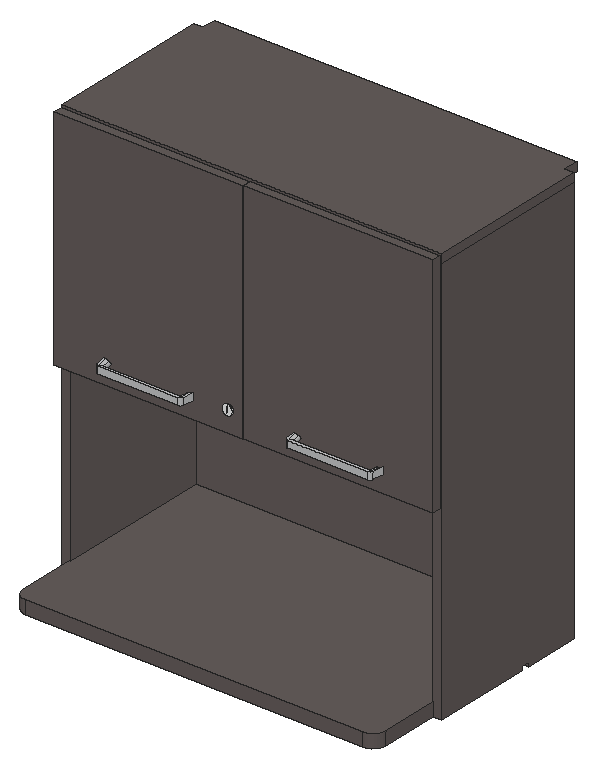
Revit family "Upper_Cabinets-Teknion-CEUMS_Upper_Cabinet_Microwave_Section_And_Door-R2022", category Furniture, Revit 2023
Family settings
  OmniClass Number = 23.40.20.00
  OmniClass Title = General Furniture and Specialties
  Work Plane-Based = No
  Enable Cutting in Views = No
  Always vertical = Yes
  Cut with Voids When Loaded = No
  Render Appearance Source = Family Geometry
  Shared = Yes
  Room Calculation Point = No
Parameters (values of type "15" Depth")
  X - Groove Connection - None [instance] = no
  Width [instance] = 30.000"
  Warranty = "http://www.teknion.com/ca/papers/legal-canada"
  Unit Weight URL = "http://www.teknion.com/ca/tools/assets#&asset=bee6a381-b954-425e-8283-5a2de3a804f2,f828d448-4b62-4231-9e5f-9a8991c0ed77"
  URL = "www.teknion.com"
  To render please download texture images found here [instance] = "https://assets.teknion.com/web/5e81352c1dfdb467/revit-material-swatches/"
  Sustainability Data = "https://www.teknion.com/ca/tools/assets#&topic=216f99a5-57a0-44fc-b10a-9dee9b29ae4c&asset=444deb64-fe58-4b68-981e-f75e97781df7,b4ff2d81-9f2e-437d-9659-7cffb09c31cf"
  Shelf 2 [instance] = Height > 31.000"  # yes
  Series = "Expansion Casework+"  # constant formula
  R - Groove Connection - Right [instance] = yes
  Pull Finish [instance] = Paint - Teknion - Mica - Platinum
  Product Page URL = "https://www.teknion.com/ca/products/product-details?productLineId=30ca1270-8e7a-673b-a6c8-ff05004460c4"
  Product Line = "Upper Cabinets"  # constant formula
  Product Documentation Link = "https://www.teknion.com/pricing/expansion-casework/pdfs/CEUMS_ppg.pdf"
  Part Number = "CEUMS"  # constant formula
  N - No Light Management [instance] = not(or([B - Groove Connection - Both Sides], [L - Groove Connection - Left], [R - Groove Connection - Right], [X - Groove Connection - None]))  # no
  Model = "CEUMS15____"
  Manufacturer Phone = "416-661-3370"  # constant formula
  Manufacturer Fax = "416.661.4586"  # constant formula
  Manufacturer Contact Information = "http://www.teknion.com/ca/contactus"
  Manufacturer Address = "1150 Flint Road, Toronto, ON. M3J 2J5. Canada"  # constant formula
  Manufacturer = "Teknion"  # constant formula
  Light Management [instance] = "Select one option for light management. No light management is default."  # constant formula
  L - Groove Connection - Left [instance] = no
  Integrated End Panel [instance] = "Select one option for integrated end panel. End panel - none is default. Option B is only available when no light management is selected. Option L are available when no light management or groove connection - right is selected. Option R are available when no light management or groove connection - left is selected."  # constant formula
  How To Use Teknion Materials User Guide [instance] = "https://assets.teknion.com/m/205dd0a49fa58060/original/How-to-add-a-Material-Library-and-Texture-Images-to-your-Revit-project.pdf"
  Height 1 [instance] = if(Height = 27.000", 57.000", if(Height = 33.000", 50.299", 54.000"))  # 50.299"
  Height - Shelf 2 [instance] = if(Height = 42.000", 13.492", if(Height = 36.000", 10.012", if(Height = 33.000", 8.272", 6.000")))  # 8.272"
  Height - Shelf 1 [instance] = 15.000"  # constant formula
  Height - Door [instance] = if(Height = 42.000", 26.882", if(Height = 36.000", 20.882", if(Height = 33.000", 17.882", if(Height = 30.000", 14.882", 11.882"))))  # 17.882"
  Height [instance] = 33.000"
  Handle = Depth = 15.000"  # yes
  For Additional Finishes please visit [instance] = "https://assets.teknion.com/m/44a8009b046e5d47/original/Teknion_Materials_Library.zip"
  R - End Panel - Right [instance] = no
  N - End Panel - None [instance] = not(or([B - End Panel - Both Sides], [L - End Panel - Left], [R - End Panel - Right]))  # yes
  L - End Panel - Left [instance] = no
  Door Finish [instance] = Veneer - Teknion - VB - Flintwood - Black Walnut
  Description = "Upper Cabinet - Microwave Section And Doors, 15\" Depth"
  Depth = 15.000"  # constant formula
  Default Elevation = 0.000"
  Cut-Out - Light - X [instance] = if([X - Groove Connection - None], 3.000", 0.300")  # 0.300"
  Cut-Out - Light - R & B [instance] = if((or([B - Groove Connection - Both Sides], [R - Groove Connection - Right])), 4.000", 0.300")  # 4.000"
  Cut-Out - Light - L & B [instance] = if((or([B - Groove Connection - Both Sides], [L - Groove Connection - Left])), 3.500", 0.300")  # 0.300"
  Cut End Panel - Right [instance] = if((or([B - End Panel - Both Sides], [R - End Panel - Right])), 0.300", 4.000")  # 4.000"
  Cut End Panel - Left [instance] = if((or([B - End Panel - Both Sides], [L - End Panel - Left])), 0.300", 4.000")  # 4.000"
  Case Finish [instance] = Veneer - Teknion - VB - Flintwood - Black Walnut
  B - Groove Connection - Both Sides [instance] = no
  B - End Panel - Both Sides [instance] = no
  Available Width [instance] = "24, 27, 30, 33 & 36 Inch"  # constant formula
  Available Height [instance] = "27, 30, 33, 36 & 42 Inch"  # constant formula
  Available Depth = "15 Inch Only"  # constant formula
  Assembly Code = "E2020200"
  2D - X - Light Management [instance] = [X - Groove Connection - None]  # no
  2D - R - Light Management [instance] = [R - Groove Connection - Right]  # yes
  2D - L - Light Management [instance] = [L - Groove Connection - Left]  # no
  2D - B - Light Management [instance] = [B - Groove Connection - Both Sides]  # no
Reference planes (in)
  plane 1 "Center Front/Back": y = -7.5
  plane 2: z = 0
  plane 3 "Center Left/Right": x = 18
  plane 4 "Left": x = 3
  plane 5 "Right": x = 33
  plane 6 "Back": y = 0
  plane 7 "Front": y = -15
  plane 8 "Top": z = 50.299
  plane 9: z = 83.299
  plane 10: y = -1.11811
  plane 11: x = 10.5
  plane 12: x = 25.5
  plane 13: z = 65.299
  plane 14: z = 73.571
  plane 15: z = 65.29889
  plane 16: y = -19.8189
  plane 17: z = 83.18089
Forms (in)
  Sweep 1, solid, material "Veneer - Teknion - VB - Flintwood - Black Walnut" <- "Case Finish"
    path origin (0, -7.5, 0) x (1, 0, 0) y (0, 0, 1)
      loop
        line (18, 51.31475) -> (18, 50.299)
    profile origin (18, -7.5, 50.80687) x (0, -1, 0) y (1, 0, 0)
      loop
        arc (11.3189, -14.29921) -> (12.026, -14.00632) -> (12.3189, -13.29921) r 1
        line (12.3189, -13.29921) -> (12.3189, 13.29921)
        arc (12.3189, 13.29921) -> (12.026, 14.00632) -> (11.3189, 14.29921) r 1
        line (11.3189, 14.29921) -> (-6.38189, 14.29921) -> (-6.38189, -14.29921) -> (11.3189, -14.29921)
  Sweep 2, solid, material "Veneer - Teknion - VB - Flintwood - Black Walnut" <- "Case Finish"
    path origin (0, -7.5, 0) x (1, 0, 0) y (0, 0, 1)
      loop
        line (18, 82.59821) -> (18, 50.299)
    profile origin (18, -7.5, 66.44861) x (0, -1, 0) y (1, 0, 0)
      loop
        line (-7.5, -15) -> (6.66142, -15) -> (6.66142, -14.29921) -> (-7.5, -14.29921) -> (-7.5, -15)
      loop
        line (-7.5, 15) -> (-7.5, 14.29921) -> (6.66142, 14.29921) -> (6.66142, 15) -> (-7.5, 15)
  Sweep 3, solid, material "Veneer - Teknion - VB - Flintwood - Black Walnut" <- "Case Finish"
    path origin (0, -7.5, 0) x (1, 0, 0) y (0, 0, 1)
      loop
        line (18, 83.299) -> (18, 82.59821)
    profile origin (18, -7.5, 82.94861) x (0, -1, 0) y (1, 0, 0)
      loop
        line (-7.5, -15) -> (6.66142, -15) -> (6.66142, 15) -> (-7.5, 15) -> (-7.5, -15)
  Sweep 4, solid, material "Veneer - Teknion - VB - Flintwood - Black Walnut" <- "Case Finish"
    path origin (0, -7.5, 0) x (1, 0, 0) y (0, 0, 1)
      loop
        line (18, 82.59821) -> (18, 51.31475)
    profile origin (18, -7.5, 66.95648) x (0, -1, 0) y (1, 0, 0)
      loop
        line (-6.38189, -14.29921) -> (-5.6811, -14.29921) -> (-5.6811, 14.29921) -> (-6.38189, 14.29921) -> (-6.38189, -14.29921)
  Sweep 5, solid, material "Veneer - Teknion - VB - Flintwood - Black Walnut" <- "Door Finish"
    path origin (0, 0, 0) x (1, 0, 0) y (0, 1, 0)
      loop
        line (18, -15) -> (18, -14.29921)
    profile origin (18, -14.64961, 0) x (-1, 0, 0) y (0, 0, 1)
      loop
        line (14.94094, 83.18089) -> (0.05906, 83.18089) -> (0.05906, 65.29889) -> (14.94094, 65.29889) -> (14.94094, 83.18089)
      loop
        line (-14.94094, 83.18089) -> (-14.94094, 65.29889) -> (-0.05906, 65.29889) -> (-0.05906, 83.18089) -> (-14.94094, 83.18089)
  Sweep 6, void
    path origin (0, 0, 0) x (1, 0, 0) y (0, 1, 0)
      loop
        line (18, 2.88189) -> (18, -1.11811)
    profile origin (18, 0.88189, 0) x (1, 0, 0) y (0, 0, 1)
      loop
        line (-15, 83.299) -> (-15, 50.299) -> (-14.29921, 50.299) -> (-14.29921, 83.299) -> (-15, 83.299)
  Sweep 7, void
    path origin (0, 0, 0) x (1, 0, 0) y (0, 1, 0)
      loop
        line (18, 2.88189) -> (18, -1.11811)
    profile origin (18, 0.88189, 0) x (1, 0, 0) y (0, 0, 1)
      loop
        line (14.29921, 83.299) -> (14.29921, 50.299) -> (15, 50.299) -> (15, 83.299) -> (14.29921, 83.299)
  Sweep 8, solid, material "Paint - Teknion - Mica - Platinum" <- "Pull Finish", visible <- "Handle"
    path origin (0, -7.5, 15) x (1, 0, 0) y (0, 0, 1)
      loop
        line (10.5, 52.13955) -> (10.5, 51.60806)
    profile origin (10.5, -7.5, 66.8738) x (0, -1, 0) y (1, 0, 0)
      loop
        line (7.5, -3.49508) -> (8.30409, -3.39635)
        arc (8.30409, -3.39635) -> (8.46086, -3.31387) -> (8.52362, -3.14821) r 0.25
        line (8.52362, -3.14821) -> (8.52362, 3.14821)
        arc (8.52362, 3.14821) -> (8.46086, 3.31387) -> (8.30409, 3.39635) r 0.25
        line (8.30409, 3.39635) -> (7.5, 3.49508) -> (7.5, 3.35728) -> (8.2874, 3.23165) -> (8.2874, -3.23165) -> (7.5, -3.35728) -> (7.5, -3.49508)
  Sweep 9, solid, material "Paint - Teknion - Mica - Platinum" <- "Pull Finish", visible <- "Handle"
    path origin (0, 0, 0) x (1, 0, 0) y (0, 1, 0)
      loop
        line (7.34714, -16.28116) -> (7.0714, -14.55302)
    profile origin (7.20927, -15.41709, 0) x (-0.987508, -0.157566, 0) y (0, 0, 1)
      loop
        line (0, 67.13955) -> (-0.25322, 67.02489)
        arc (-0.25322, 67.02489) -> (-0.35066, 66.8738) -> (-0.25322, 66.72272) r 0.16586
        line (-0.25322, 66.72272) -> (0, 66.60806) -> (0, 67.13955)
  Sweep 10, solid, material "Paint - Teknion - Mica - Platinum" <- "Pull Finish", visible <- "Handle"
    path origin (18, 0, 0) x (-1, 0, 0) y (0, -1, 0)
      loop
        line (4.34714, 16.28116) -> (4.0714, 14.55302)
    profile origin (13.79073, -15.41709, 0) x (-0.987508, 0.157566, 0) y (0, 0, 1)
      loop
        line (0, 67.13955) -> (0, 66.60806) -> (0.25322, 66.72272)
        arc (0.25322, 66.72272) -> (0.35066, 66.8738) -> (0.25322, 67.02489) r 0.16586
        line (0.25322, 67.02489) -> (0, 67.13955)
  Sweep 11, void
    path origin (0, -7.5, 15) x (1, 0, 0) y (0, 0, 1)
      loop
        line (18, 52.49751) -> (18, 51.24751)
    profile origin (18, -7.5, 66.87251) x (0, -1, 0) y (1, 0, 0)
      loop
        line (6.79921, -11.0832) -> (7.5, -11.0832) -> (7.5, -10.10461) -> (6.79921, -10.10461) -> (6.79921, -11.0832)
      loop
        line (8.94722, -11.0832) -> (8.94722, -10.10461) -> (8.2874, -10.10461) -> (8.2874, -11.0832) -> (8.94722, -11.0832)
      loop
        line (6.79921, -3.9168) -> (6.79921, -4.89539) -> (7.5, -4.89539) -> (7.5, -3.9168) -> (6.79921, -3.9168)
      loop
        line (8.94722, -3.9168) -> (8.2874, -3.9168) -> (8.2874, -4.89539) -> (8.94722, -4.89539) -> (8.94722, -3.9168)
      loop
        line (6.79921, 11.0832) -> (6.79921, 10.10461) -> (7.5, 10.10461) -> (7.5, 11.0832) -> (6.79921, 11.0832)
      loop
        line (8.94722, 11.0832) -> (8.2874, 11.0832) -> (8.2874, 10.10461) -> (8.94722, 10.10461) -> (8.94722, 11.0832)
      loop
        line (6.79921, 3.9168) -> (7.5, 3.9168) -> (7.5, 4.89539) -> (6.79921, 4.89539) -> (6.79921, 3.9168)
      loop
        line (8.94722, 3.9168) -> (8.94722, 4.89539) -> (8.2874, 4.89539) -> (8.2874, 3.9168) -> (8.94722, 3.9168)
  Sweep 12, solid, material "Metal - Teknion - C6 - Chrome"
    path origin (36, 0, 0) x (-1, 0, 0) y (0, -1, 0)
      loop
        line (18, 15.05906) -> (18, 15)
    profile origin (18, -15.02953, 0) x (-1, 0, 0) y (0, 0, 1)
      loop
        circle (1.20079, 66.94062) r 0.3937
      loop
        line (1.15157, 67.12763) -> (1.15157, 66.75361) -> (1.25, 66.75361) -> (1.25, 67.12763) -> (1.15157, 67.12763)
  Sweep 13, solid, material "Paint - Teknion - Mica - Platinum" <- "Pull Finish", visible <- "Handle"
    path origin (0, -7.5, 15) x (1, 0, 0) y (0, 0, 1)
      loop
        line (25.5, 52.13955) -> (25.5, 51.60806)
    profile origin (25.5, -7.5, 66.8738) x (0, -1, 0) y (1, 0, 0)
      loop
        line (7.5, 3.49508) -> (7.5, 3.35728) -> (8.2874, 3.23165) -> (8.2874, -3.23165) -> (7.5, -3.35728) -> (7.5, -3.49508) -> (8.30409, -3.39635)
        arc (8.30409, -3.39635) -> (8.46086, -3.31387) -> (8.52362, -3.14821) r 0.25
        line (8.52362, -3.14821) -> (8.52362, 3.14821)
        arc (8.52362, 3.14821) -> (8.46086, 3.31387) -> (8.30409, 3.39635) r 0.25
        line (8.30409, 3.39635) -> (7.5, 3.49508)
  Sweep 14, solid, material "Paint - Teknion - Mica - Platinum" <- "Pull Finish", visible <- "Handle"
    path origin (0, 0, 0) x (1, 0, 0) y (0, 1, 0)
      loop
        line (22.34714, -16.28116) -> (22.0714, -14.55302)
    profile origin (22.20927, -15.41709, 0) x (-0.987508, -0.157566, 0) y (0, 0, 1)
      loop
        arc (-0.25322, 67.02489) -> (-0.35066, 66.8738) -> (-0.25322, 66.72272) r 0.16586
        line (-0.25322, 66.72272) -> (0, 66.60806) -> (0, 67.13955) -> (-0.25322, 67.02489)
  Sweep 15, solid, material "Paint - Teknion - Mica - Platinum" <- "Pull Finish", visible <- "Handle"
    path origin (0, 0, 0) x (1, 0, 0) y (0, 1, 0)
      loop
        line (28.9286, -14.55302) -> (28.65286, -16.28116)
    profile origin (28.79073, -15.41709, 0) x (0.987508, -0.157566, 0) y (0, 0, 1)
      loop
        line (0, 67.13955) -> (-0.25322, 67.02489)
        arc (-0.25322, 67.02489) -> (-0.35066, 66.8738) -> (-0.25322, 66.72272) r 0.16586
        line (-0.25322, 66.72272) -> (0, 66.60806) -> (0, 67.13955)
  Sweep 16, solid, material "Veneer - Teknion - VB - Flintwood - Black Walnut" <- "Case Finish"
    path origin (0, -7.5, 0) x (1, 0, 0) y (0, 0, 1)
      loop
        line (18, 66.00007) -> (18, 65.299)
    profile origin (18, -7.5, 65.64954) x (0, -1, 0) y (1, 0, 0)
      loop
        line (6.66142, -14.29921) -> (6.66142, 14.29921) -> (-5.6811, 14.29921) -> (-5.6811, -14.29921) -> (6.66142, -14.29921)
  Sweep 17, solid, material "Veneer - Teknion - VB - Flintwood - Black Walnut" <- "Case Finish", visible <- "Shelf 2"
    path origin (0, -7.5, 0) x (1, 0, 0) y (0, 0, 1)
      loop
        line (18, 74.27172) -> (18, 73.571)
    profile origin (18, -7.5, 73.92136) x (0, -1, 0) y (1, 0, 0)
      loop
        line (6.46457, -14.29921) -> (6.46457, 14.29921) -> (-5.6811, 14.29921) -> (-5.6811, -14.29921) -> (6.46457, -14.29921)
  Sweep 18, void
    path origin (0, -7.5, 0) x (1, 0, 0) y (0, 0, 1)
      loop
        line (18, 47.93365) -> (18, 47.63365)
    profile origin (18, -7.5, 47.78365) x (0, -1, 0) y (1, 0, 0)
      loop
        line (-1.2126, -12.44488) -> (-1.2126, 12.44488)
        arc (-1.2126, 12.44488) -> (-1.58661, 12.8189) -> (-1.96063, 12.44488) r 0.37402
        line (-1.96063, 12.44488) -> (-1.96063, -12.44488)
        arc (-1.96063, -12.44488) -> (-1.58661, -12.8189) -> (-1.2126, -12.44488) r 0.37402
  Sweep 19, void
    path origin (0, -7.5, 0) x (1, 0, 0) y (0, 0, 1)
      loop
        line (18, 47.43365) -> (18, 47.13365)
    profile origin (18, -7.5, 47.28365) x (0, -1, 0) y (1, 0, 0)
      loop
        line (-1.96063, 12.44488) -> (-1.96063, -15) -> (-1.2126, -15) -> (-1.2126, 12.44488)
        arc (-1.2126, 12.44488) -> (-1.58661, 12.8189) -> (-1.96063, 12.44488) r 0.37402
  Sweep 20, void
    path origin (0, -7.5, 0) x (1, 0, 0) y (0, 0, 1)
      loop
        line (18, 50.63365) -> (18, 46.63365)
    profile origin (18, -7.5, 48.63365) x (0, -1, 0) y (1, 0, 0)
      loop
        arc (-1.96063, -12.44488) -> (-1.58661, -12.8189) -> (-1.2126, -12.44488) r 0.37402
        line (-1.2126, -12.44488) -> (-1.2126, 15) -> (-1.96063, 15) -> (-1.96063, -12.44488)
Cuts and joins
  Sweep 6, Sweep 7, Sweep 19, Sweep 20 cuts Sweep 2
  Sweep 6, Sweep 7 cuts Sweep 3
  Sweep 18, Sweep 19, Sweep 20 cuts Sweep 1
  Sweep 11 cuts Sweep 9
  Sweep 11 cuts Sweep 10
  Sweep 11 cuts Sweep 14
  Sweep 11 cuts Sweep 15
  joined: Sweep 8, Sweep 9, Sweep 10, Sweep 13, Sweep 14, Sweep 15
Lines and regions (in)
  Masking region 1
    outline origin (0, 0, 0) x (1, 0, 0) y (0, 1, 0)
      loop
        line (3.70079, -15) -> (3.70079, -18.8189)
        arc (3.70079, -18.8189) -> (3.99368, -19.526) -> (4.70079, -19.8189) r 1
        line (4.70079, -19.8189) -> (31.29921, -19.8189)
        arc (31.29921, -19.8189) -> (32.00632, -19.526) -> (32.29921, -18.8189) r 1
        line (32.29921, -18.8189) -> (32.29921, -15) -> (32.94094, -15) -> (32.94094, -14.29921) -> (32.29921, -14.29921) -> (32.29921, -14.16142) -> (3.70079, -14.16142) -> (3.70079, -14.29921) -> (3.05906, -14.29921) -> (3.05906, -15) -> (3.70079, -15)
  Masking region 2
    outline origin (0, 0, 0) x (1, 0, 0) y (0, 1, 0)
      loop
        line (7.35179, -16.02362) -> (13.64821, -16.02362)
        arc (13.64821, -16.02362) -> (13.81387, -15.96086) -> (13.89635, -15.80409) r 0.25
        line (13.89635, -15.80409) -> (13.99508, -15) -> (13.50354, -15) -> (13.37664, -15.7874) -> (7.62336, -15.7874) -> (7.49646, -15) -> (7.00492, -15) -> (7.10365, -15.80409)
        arc (7.10365, -15.80409) -> (7.18613, -15.96086) -> (7.35179, -16.02362) r 0.25
      loop
        line (28.89635, -15.80409) -> (28.99508, -15) -> (28.50354, -15) -> (28.37664, -15.7874) -> (22.62336, -15.7874) -> (22.49773, -15) -> (22.00492, -15) -> (22.10365, -15.80409)
        arc (22.10365, -15.80409) -> (22.18613, -15.96086) -> (22.35179, -16.02362) r 0.25
        line (22.35179, -16.02362) -> (28.64821, -16.02362)
        arc (28.64821, -16.02362) -> (28.81387, -15.96086) -> (28.89635, -15.80409) r 0.25
  Masking region 3, visible <- "L - End Panel - Left"
    outline origin (0, 0, 0) x (1, 0, 0) y (0, 1, 0)
      loop
        line (3, 0) -> (3, -14.16142) -> (33, -14.16142) -> (33, -1.11811) -> (32.29921, -1.11811) -> (32.29921, 0) -> (3, 0)
  Masking region 4, visible <- "R - End Panel - Right"
    outline origin (0, 0, 0) x (1, 0, 0) y (0, 1, 0)
      loop
        line (33, -14.16142) -> (33, 0) -> (3.70079, 0) -> (3.70079, -1.11811) -> (3, -1.11811) -> (3, -14.16142) -> (33, -14.16142)
  Masking region 5, visible <- "B - End Panel - Both Sides"
    outline origin (0, 0, 0) x (1, 0, 0) y (0, 1, 0)
      loop
        line (3, 0) -> (3, -14.16142) -> (33, -14.16142) -> (33, 0) -> (3, 0)
  Masking region 6, visible <- "N - End Panel - None"
    outline origin (0, 0, 0) x (1, 0, 0) y (0, 1, 0)
      loop
        line (3, -14.16142) -> (33, -14.16142) -> (33, -1.11811) -> (32.29921, -1.11811) -> (32.29921, 0) -> (3.70079, 0) -> (3.70079, -1.11811) -> (3, -1.11811) -> (3, -14.16142)
  reference lines
    curve 1: line (3, 0, 0) -> (33, 0, 0)
    curve 2: line (3, 0, 0) -> (3, -19.8189, 0)
    curve 3: line (33, 0, 0) -> (33, -19.8189, 0)
    curve 5: line (3, -19.8189, 0) -> (33, -19.8189, 0)
  symbolic lines, style "FurnitureHiddenLines", detail levels fine
    curve 4: line (44.85179, -7.5, 67.13955) -> (-2.39821, -7.5, 67.13955)
    curve 36: line (16.75, -15.05906, 0) -> (16.75, -15, 0)
    curve 37: line (16.84843, -15, 0) -> (16.84843, -15.05906, 0)
  symbolic lines
    curve 6: line (17.94094, -14.29921, 0) -> (3.05906, -14.29921, 0)
    curve 7: line (17.94094, -15, 0) -> (17.94094, -14.29921, 0)
    curve 8: line (17.94094, -15, 0) -> (3.05906, -15, 0)
    curve 9: line (16.40551, -15, 0) -> (16.40551, -15.05906, 0)
    curve 10: line (16.40551, -15.05906, 0) -> (17.19291, -15.05906, 0)
    curve 11: line (17.19291, -15.05906, 0) -> (17.19291, -15, 0)
    curve 12: line (32.94094, -14.29921, 0) -> (18.05906, -14.29921, 0)
    curve 13: line (32.94094, -15, 0) -> (18.05906, -15, 0)
    curve 14: line (18.05906, -14.29921, 0) -> (18.05906, -15, 0)
    curve 15: line (13.73165, -15.7874, 0) -> (7.26835, -15.7874, 0)
    curve 16: line (7.26835, -15.7874, 0) -> (7.14272, -15, 0)
    curve 17: line (13.85728, -15, 0) -> (13.73165, -15.7874, 0)
    curve 18: line (28.73165, -15.7874, 0) -> (22.26835, -15.7874, 0)
    curve 19: line (28.85728, -15, 0) -> (28.73165, -15.7874, 0)
    curve 20: line (22.14272, -15, 0) -> (22.26835, -15.7874, 0)
  symbolic lines, style "FurnitureHiddenLines", detail levels medium+fine
    curve 21: line (3.70079, -1.8189, 0) -> (32.29921, -1.8189, 0)
    curve 22: line (32.29921, -1.11811, 0) -> (3.70079, -1.11811, 0)
    curve 38: line (3.70079, -14.16142, 0) -> (3.70079, 0, 0)
    curve 39: line (32.29921, 0, 0) -> (32.29921, -14.16142, 0)
  symbolic lines, style "FurnitureHiddenLines", visible <- "Shelf 2", detail levels medium+fine
    curve 23: line (3.70079, -13.96457, 0) -> (32.29921, -13.96457, 0)
  symbolic lines, style "FurnitureHiddenLines", visible <- "2D - X - Light Management", detail levels fine
    curve 24: arc (30.44488, -6.2874, 0) -> (30.8189, -5.91339, 0) -> (30.44488, -5.53937, 0) r 0.37402
    curve 25: line (30.44488, -5.53937, 0) -> (5.55512, -5.53937, 0)
    curve 26: arc (5.55512, -5.53937, 0) -> (5.1811, -5.91339, 0) -> (5.55512, -6.2874, 0) r 0.37402
    curve 27: line (5.55512, -6.2874, 0) -> (30.44488, -6.2874, 0)
  symbolic lines, style "FurnitureHiddenLines", visible <- "2D - L - Light Management", detail levels fine
    curve 28: line (30.44488, -5.53937, 0) -> (3, -5.53937, 0)
    curve 29: line (3, -6.2874, 0) -> (30.44488, -6.2874, 0)
    curve 30: arc (30.44488, -6.2874, 0) -> (30.8189, -5.91339, 0) -> (30.44488, -5.53937, 0) r 0.37402
  symbolic lines, style "FurnitureHiddenLines", visible <- "2D - R - Light Management", detail levels fine
    curve 31: line (33, -5.53937, 0) -> (5.55512, -5.53937, 0)
    curve 32: line (5.55512, -6.2874, 0) -> (33, -6.2874, 0)
    curve 33: arc (5.55512, -5.53937, 0) -> (5.1811, -5.91339, 0) -> (5.55512, -6.2874, 0) r 0.37402
  symbolic lines, style "FurnitureHiddenLines", visible <- "2D - B - Light Management", detail levels fine
    curve 34: line (3, -5.53937, 0) -> (33, -5.53937, 0)
    curve 35: line (3, -6.2874, 0) -> (33, -6.2874, 0)
Dimensions and locks (in)
  "Width": plane 4 "Left" to plane 5 "Right"
  "Depth": plane 6 "Back" to plane 7 "Front"
  "Height 1": plane 8 "Top" to level
  "Height": plane 9 to plane 8 "Top"
  equal spacing: plane 6 "Back", plane 1 "Center Front/Back", plane 7 "Front"
  equal spacing: plane 4 "Left", plane 3 "Center Left/Right", plane 5 "Right"
  locked: Sweep 1 sketch curve to plane 8 "Top" at 1.01575
  plane 4 "Left" to Sweep 1 sketch curve to Sweep 1 sketch curve = 0.70079" locked, 1.000" locked
  Sweep 1 sketch curve to Sweep 1 sketch curve to plane 5 "Right" = 1.000" locked, 0.70079" locked
  locked: plane 9 to Sweep 2 sketch curve at 0.70079
  locked: plane 7 "Front" to Sweep 2 sketch curve at 0.83858
  locked: Sweep 2 sketch curve to plane 5 "Right" at 0.70079
  locked: plane 4 "Left" to Sweep 2 sketch curve at 0.70079
  locked: plane 6 "Back" to plane 10 at 1.11811
  locked: plane 9 to Sweep 3 sketch curve at 0.70079
  locked: plane 7 "Front" to Sweep 3 sketch curve at 0.83858
  locked: Sweep 4 sketch curve to plane 8 "Top" at 1.01575
  locked: plane 9 to Sweep 4 sketch curve at 0.70079
  locked: plane 10 to Sweep 4 sketch curve at 0.70079
  locked: plane 4 "Left" to Sweep 4 sketch curve at 0.70079
  locked: Sweep 4 sketch curve to plane 5 "Right" at 0.70079
  locked: plane 7 "Front" to Sweep 5 sketch curve at 0.70079
  Sweep 5 sketch curve to plane 3 "Center Left/Right" to Sweep 5 sketch curve = 0.05906" locked, 0.05906" locked
  locked: plane 9 to Sweep 5 sketch curve at 0.11811
  locked: Sweep 5 sketch curve to plane 5 "Right" at 0.05906
  locked: Sweep 5 sketch curve to plane 4 "Left" at 0.05906
  equal spacing: plane 4 "Left", plane 11, plane 3 "Center Left/Right"
  locked: Sweep 6 sketch curve to plane 6 "Back" at 2.88189
  "Cut End Panel - Left": Sweep 6 sketch curve to Sweep 6 sketch curve
  locked: Sweep 6 sketch curve to plane 4 "Left" at 0.70079
  locked: Sweep 7 sketch curve to plane 6 "Back" at 2.88189
  "Cut End Panel - Right": Sweep 7 sketch curve to Sweep 7 sketch curve
  locked: Sweep 7 sketch curve to plane 5 "Right" at 0.70079
  Sweep 8 sketch curve to Sweep 8 sketch curve to plane 15 = 0.5315" locked, 1.30917" locked
  Sweep 8 sketch curve to Sweep 8 sketch curve to plane 7 "Front" = 0.23622" locked, 0.7874" locked
  Sweep 8 sketch curve to Sweep 8 sketch curve to Sweep 8 sketch curve to Sweep 8 sketch curve to plane 11 to Sweep 8 sketch curve to Sweep 8 sketch curve to Sweep 8 sketch curve to Sweep 8 sketch curve = 0.1378" locked, 0.12564" locked, 0.08343" locked, 3.14821" locked, 3.14821" locked, 0.08343" locked, 0.12564" locked, 0.1378" locked
  plane 11 to Sweep 9 sketch curve to Sweep 9 sketch curve = 3.15286" locked, 0.27574" locked
  Sweep 9 sketch curve to plane 7 "Front" to Sweep 9 sketch curve = 1.28116" locked, 0.44698" locked
  plane 11 to Sweep 10 sketch curve to Sweep 10 sketch curve = 3.15286" locked, 0.27574" locked
  Sweep 10 sketch curve to plane 7 "Front" to Sweep 10 sketch curve = 1.28116" locked, 0.44698" locked
  Sweep 9 sketch curve to Sweep 9 sketch curve to Sweep 9 sketch curve to Sweep 9 sketch curve to Sweep 9 sketch curve to plane 15 = 0.11466" locked, 0.15109" locked, 0.15109" locked, 0.11466" locked, 1.30917" locked
  Sweep 10 sketch curve to Sweep 10 sketch curve to Sweep 10 sketch curve to Sweep 10 sketch curve to Sweep 10 sketch curve to plane 15 = 0.11466" locked, 0.15109" locked, 0.15109" locked, 0.11466" locked, 1.30917" locked
  Sweep 10 sketch curve to Sweep 10 sketch curve to Sweep 10 sketch curve to Sweep 10 sketch curve to plane 11 = 0.1825" locked, 0.06756" locked, 0.000" locked, 3.04068" locked
  Sweep 11 sketch curve to Sweep 11 sketch curve to plane 15 = 1.250" locked, 0.94862" locked
  Sweep 11 sketch curve to Sweep 11 sketch curve to plane 7 "Front" to Sweep 11 sketch curve = 0.65982" locked, 0.7874" locked, 0.70079" locked  (x2)
  Sweep 11 sketch curve to Sweep 11 sketch curve to plane 11 to Sweep 11 sketch curve to Sweep 11 sketch curve = 0.97859" locked, 2.60461" locked, 2.60461" locked, 0.97859" locked
  equal spacing: plane 3 "Center Left/Right", plane 12, plane 5 "Right"
  Sweep 12 sketch curve to Sweep 12 sketch curve to Sweep 12 sketch curve = 0.04921" locked, 0.04921" locked
  Sweep 12 sketch curve to Sweep 12 sketch curve to Sweep 12 sketch curve = 0.18701" locked, 0.18701" locked
  locked: Sweep 12 sketch curve to plane 7 "Front" at 0.05906
  Sweep 13 sketch curve to Sweep 13 sketch curve to plane 15 = 0.5315" locked, 1.30917" locked
  Sweep 13 sketch curve to Sweep 13 sketch curve to plane 7 "Front" = 0.23622" locked, 0.7874" locked
  Sweep 13 sketch curve to Sweep 13 sketch curve to Sweep 13 sketch curve to Sweep 13 sketch curve to plane 12 to Sweep 13 sketch curve to Sweep 13 sketch curve to Sweep 13 sketch curve to Sweep 13 sketch curve = 0.1378" locked, 0.12564" locked, 0.08343" locked, 3.14821" locked, 3.14821" locked, 0.08343" locked, 0.12564" locked, 0.1378" locked
  Sweep 9 sketch curve to Sweep 9 sketch curve to Sweep 9 sketch curve to Sweep 9 sketch curve to plane 11 = 0.1825" locked, 0.06756" locked, 0.000" locked, 3.04068" locked
  Sweep 14 sketch curve to Sweep 14 sketch curve to plane 12 = 0.27574" locked, 3.15286" locked
  Sweep 14 sketch curve to plane 7 "Front" to Sweep 14 sketch curve = 1.28116" locked, 0.44698" locked
  Sweep 14 sketch curve to Sweep 14 sketch curve to Sweep 14 sketch curve to Sweep 14 sketch curve to Sweep 14 sketch curve to plane 15 = 0.11466" locked, 0.15109" locked, 0.15109" locked, 0.11466" locked, 1.30917" locked
  Sweep 14 sketch curve to Sweep 14 sketch curve to Sweep 14 sketch curve to Sweep 14 sketch curve to plane 12 = 0.1825" locked, 0.06756" locked, 0.000" locked, 3.04068" locked
  plane 12 to Sweep 15 sketch curve to Sweep 15 sketch curve = 3.15286" locked, 0.27574" locked
  Sweep 15 sketch curve to plane 7 "Front" to Sweep 15 sketch curve = 1.28116" locked, 0.44698" locked
  Sweep 15 sketch curve to Sweep 15 sketch curve to Sweep 15 sketch curve to Sweep 15 sketch curve to Sweep 15 sketch curve to plane 15 = 0.11466" locked, 0.15109" locked, 0.15109" locked, 0.11466" locked, 1.30917" locked
  plane 12 to Sweep 15 sketch curve to Sweep 15 sketch curve to Sweep 15 sketch curve to Sweep 15 sketch curve = 3.04068" locked, 0.000" locked, 0.06756" locked, 0.1825" locked
  Sweep 11 sketch curve to Sweep 11 sketch curve to plane 12 to Sweep 11 sketch curve to Sweep 11 sketch curve = 0.97859" locked, 2.60461" locked, 2.60461" locked, 0.97859" locked
  "Height - Shelf 1": plane 13 to plane 8 "Top"
  "Height - Shelf 2": plane 14 to plane 13
  locked: Sweep 16 sketch curve to plane 13 at 0.70107
  locked: plane 10 to Sweep 16 sketch curve at 0.70079
  locked: plane 7 "Front" to Sweep 16 sketch curve at 0.83858
  locked: plane 4 "Left" to Sweep 16 sketch curve at 0.70079
  locked: Sweep 16 sketch curve to plane 5 "Right" at 0.70079
  locked: Sweep 17 sketch curve to plane 14 at 0.70072
  locked: plane 10 to Sweep 17 sketch curve at 0.70079
  locked: plane 4 "Left" to Sweep 17 sketch curve at 0.70079
  locked: Sweep 17 sketch curve to plane 5 "Right" at 0.70079
  locked: plane 7 "Front" to Sweep 17 sketch curve at 1.03543
  "Cut-Out - Light - X": Sweep 18 sketch curve to Sweep 18 sketch curve
  locked: plane 8 "Top" to Sweep 18 sketch curve at 2.66535
  locked: Sweep 18 sketch curve to Sweep 18 sketch curve at 0.74803
  locked: plane 6 "Back" to Sweep 18 sketch curve at 5.53937
  locked: plane 4 "Left" to Sweep 18 sketch curve at 2.55512
  locked: Sweep 18 sketch curve to plane 5 "Right" at 2.55512
  "Cut-Out - Light - L & B": Sweep 19 sketch curve to Sweep 19 sketch curve
  locked: plane 8 "Top" to Sweep 19 sketch curve at 3.16535
  locked: Sweep 19 sketch curve to plane 5 "Right" at 2.55512
  locked: Sweep 19 sketch curve to Sweep 19 sketch curve at 0.74803
  locked: plane 6 "Back" to Sweep 19 sketch curve at 5.53937
  "Cut-Out - Light - R & B": Sweep 20 sketch curve to Sweep 20 sketch curve
  locked: plane 8 "Top" to Sweep 20 sketch curve at 3.66535
  locked: plane 4 "Left" to Sweep 20 sketch curve at 2.55512
  locked: Sweep 20 sketch curve to Sweep 20 sketch curve at 0.74803
  locked: plane 6 "Back" to Sweep 20 sketch curve at 5.53937
  locked: plane 3 "Center Left/Right" to Sweep 12 sketch curve at 1.20079
  locked: Sweep 12 sketch curve to plane 15 at 1.64173
  locked: Sweep 1 sketch curve to plane 7 "Front" at 4.8189
  locked: plane 7 "Front" to plane 16 at 4.8189
  locked: plane 9 to plane 17 at 0.11811
  "Height - Door": plane 17 to plane 15
  Masking region 2 sketch curve to Masking region 2 sketch curve to Masking region 2 sketch curve to plane 11 to Masking region 2 sketch curve to Masking region 2 sketch curve to Masking region 2 sketch curve = 0.49153" locked, 0.12691" locked, 2.87664" locked, 2.87664" locked, 0.12691" locked, 0.49153" locked
  Masking region 2 sketch curve to Masking region 2 sketch curve to Masking region 2 sketch curve to plane 12 to Masking region 2 sketch curve to Masking region 2 sketch curve to Masking region 2 sketch curve = 0.49281" locked, 0.12564" locked, 2.87664" locked, 2.87664" locked, 0.12691" locked, 0.49153" locked
  aligned and locked: level to plane 2
  aligned and locked: plane 8 "Top" to Sweep 1 sketch curve
  aligned and locked: Sweep 1 sketch curve to plane 3 "Center Left/Right"
  aligned and locked: plane 8 "Top" to Sweep 2 sketch curve
  aligned and locked: Sweep 2 sketch curve to plane 3 "Center Left/Right"
  aligned and locked: Sweep 2 sketch curve to plane 4 "Left"
  aligned and locked: Sweep 2 sketch curve to Sweep 2 sketch curve
  aligned and locked: plane 5 "Right" to Sweep 2 sketch curve
  aligned and locked: plane 10 to Sweep 1 sketch curve
  aligned and locked: plane 6 "Back" to Sweep 2 sketch curve
  aligned and locked: Sweep 2 sketch curve to plane 6 "Back"
  aligned and locked: plane 9 to Sweep 3 sketch curve
  aligned and locked: Sweep 3 sketch curve to plane 3 "Center Left/Right"
  aligned and locked: Sweep 3 sketch curve to plane 6 "Back"
  aligned and locked: plane 4 "Left" to Sweep 3 sketch curve
  aligned and locked: plane 5 "Right" to Sweep 3 sketch curve
  aligned and locked: Sweep 4 sketch curve to plane 3 "Center Left/Right"
  aligned and locked: Sweep 4 sketch curve to plane 10
  aligned and locked: plane 3 "Center Left/Right" to Sweep 5 sketch curve
  aligned and locked: plane 7 "Front" to Sweep 5 sketch curve
  aligned and locked: Sweep 5 sketch curve to Sweep 5 sketch curve
  aligned and locked: Sweep 6 sketch curve to plane 3 "Center Left/Right"
  aligned and locked: Sweep 6 sketch curve to plane 9
  aligned and locked: plane 8 "Top" to Sweep 6 sketch curve
  aligned and locked: plane 4 "Left" to Sweep 6 sketch curve
  aligned and locked: Sweep 7 sketch curve to plane 3 "Center Left/Right"
  aligned and locked: plane 5 "Right" to Sweep 7 sketch curve
  aligned and locked: plane 8 "Top" to Sweep 7 sketch curve
  aligned and locked: Sweep 7 sketch curve to plane 9
  aligned and locked: Sweep 8 sketch curve to plane 11
  aligned and locked: Sweep 8 sketch curve to plane 7 "Front"
  aligned and locked: plane 7 "Front" to Sweep 8 sketch curve
  aligned and locked: Sweep 11 sketch curve to plane 7 "Front"  (x2)
  aligned and locked: plane 7 "Front" to Sweep 11 sketch curve  (x2)
  aligned and locked: Sweep 11 sketch curve to Sweep 11 sketch curve  (x14)
  aligned and locked: plane 7 "Front" to Sweep 12 sketch curve
  aligned and locked: plane 3 "Center Left/Right" to Sweep 12 sketch curve
  aligned and locked: plane 12 to Sweep 13 sketch curve
  aligned and locked: plane 7 "Front" to Sweep 13 sketch curve
  aligned and locked: Sweep 13 sketch curve to plane 7 "Front"
  aligned and locked: Sweep 11 sketch curve to plane 3 "Center Left/Right"
  aligned and locked: Sweep 16 sketch curve to plane 3 "Center Left/Right"
  aligned and locked: plane 13 to Sweep 16 sketch curve
  aligned and locked: Sweep 17 sketch curve to plane 3 "Center Left/Right"
  aligned and locked: plane 14 to Sweep 17 sketch curve
  aligned and locked: Sweep 18 sketch curve to plane 3 "Center Left/Right"
  aligned and locked: Sweep 19 sketch curve to plane 3 "Center Left/Right"
  aligned and locked: plane 4 "Left" to Sweep 19 sketch curve
  aligned and locked: Sweep 20 sketch curve to plane 3 "Center Left/Right"
  aligned and locked: plane 5 "Right" to Sweep 20 sketch curve
  aligned and locked: curve 1 to plane 6 "Back"
  aligned and locked: curve 2 to plane 4 "Left"
  aligned and locked: curve 3 to plane 5 "Right"
  aligned and locked: Sweep 5 sketch curve to plane 15
  aligned and locked: plane 15 to Sweep 5 sketch curve
  aligned and locked: curve 5 to plane 16
  aligned and locked: cut or joined group of Sweep 1, Sweep 18, Sweep 19, Sweep 20 to Masking region 1 sketch curve  (x2)
  aligned and locked: Sweep 5 to Masking region 1 sketch curve
  aligned and locked: Masking region 1 sketch curve to Sweep 5  (x5)
  aligned and locked: Masking region 1 sketch curve to cut or joined group of Sweep 1, Sweep 18, Sweep 19, Sweep 20  (x3)
  aligned and locked: Masking region 1 sketch curve to Sweep 16
  aligned and locked: Sweep 5 to curve 6
  aligned and locked: curve 7 to Sweep 5
  aligned and locked: Sweep 5 to curve 8
  aligned and locked: curve 11 to Sweep 12
  aligned and locked: curve 9 to Sweep 12
  aligned and locked: curve 10 to Sweep 12
  aligned and locked: curve 12 to Sweep 5
  aligned and locked: curve 13 to Sweep 5
  aligned and locked: curve 14 to Sweep 5
  aligned and locked: Masking region 2 sketch curve to cut or joined group of Sweep 8, Sweep 9, Sweep 10, Sweep 11, Sweep 13, Sweep 14, Sweep 15  (x8)
  aligned and locked: cut or joined group of Sweep 8, Sweep 9, Sweep 10, Sweep 11, Sweep 13, Sweep 14, Sweep 15 to Masking region 2 sketch curve  (x2)
  aligned and locked: curve 15 to cut or joined group of Sweep 8, Sweep 9, Sweep 10, Sweep 11, Sweep 13, Sweep 14, Sweep 15
  aligned and locked: curve 16 to cut or joined group of Sweep 8, Sweep 9, Sweep 10, Sweep 11, Sweep 13, Sweep 14, Sweep 15
  aligned and locked: curve 17 to cut or joined group of Sweep 8, Sweep 9, Sweep 10, Sweep 11, Sweep 13, Sweep 14, Sweep 15
  aligned and locked: Sweep 5 to Masking region 2 sketch curve
  aligned and locked: curve 18 to cut or joined group of Sweep 8, Sweep 9, Sweep 10, Sweep 11, Sweep 13, Sweep 14, Sweep 15
  aligned and locked: curve 19 to cut or joined group of Sweep 8, Sweep 9, Sweep 10, Sweep 11, Sweep 13, Sweep 14, Sweep 15
  aligned and locked: curve 20 to cut or joined group of Sweep 8, Sweep 9, Sweep 10, Sweep 11, Sweep 13, Sweep 14, Sweep 15
  aligned and locked: Masking region 3 sketch curve to cut or joined group of Sweep 2, Sweep 6, Sweep 7, Sweep 19, Sweep 20  (x3)
  aligned and locked: Masking region 3 sketch curve to plane 6 "Back"
  aligned and locked: Sweep 17 to Masking region 3 sketch curve
  aligned and locked: Masking region 3 sketch curve to plane 10
  aligned and locked: Masking region 4 sketch curve to cut or joined group of Sweep 2, Sweep 6, Sweep 7, Sweep 19, Sweep 20  (x3)
  aligned and locked: Masking region 4 sketch curve to plane 10
  aligned and locked: Masking region 4 sketch curve to Sweep 17
  aligned and locked: Masking region 4 sketch curve to plane 6 "Back"
  aligned and locked: Masking region 5 sketch curve to plane 6 "Back"
  aligned and locked: Masking region 5 sketch curve to plane 5 "Right"
  aligned and locked: Masking region 5 sketch curve to plane 4 "Left"
  aligned and locked: Masking region 5 sketch curve to cut or joined group of Sweep 2, Sweep 6, Sweep 7, Sweep 19, Sweep 20
  aligned and locked: Masking region 6 sketch curve to cut or joined group of Sweep 2, Sweep 6, Sweep 7, Sweep 19, Sweep 20  (x3)
  aligned and locked: Masking region 6 sketch curve to plane 10  (x2)
  aligned and locked: Masking region 6 sketch curve to plane 6 "Back"
  aligned and locked: Masking region 6 sketch curve to Sweep 17
  aligned and locked: Sweep 17 to Masking region 6 sketch curve
  aligned and locked: curve 21 to Sweep 4
  aligned and locked: curve 22 to Sweep 4
  aligned and locked: curve 23 to Sweep 17
  aligned and locked: curve 24 to Sweep 18
  aligned and locked: curve 26 to Sweep 18
  aligned and locked: curve 30 to Sweep 19
  aligned and locked: curve 33 to Sweep 20
  aligned and locked: curve 35 to Sweep 18
  aligned and locked: curve 34 to Sweep 18
  aligned and locked: curve 36 to Sweep 12
  aligned and locked: curve 37 to Sweep 12
  aligned and locked: nested 2 to plane 6 "Back"
  aligned and locked: nested 1 to plane 6 "Back"
  aligned and locked: plane 4 "Left" to nested 1
  aligned and locked: nested 2 to plane 5 "Right"
  aligned and locked: plane 7 "Front" to nested 3
  aligned and locked: nested 3 to plane 5 "Right"
  aligned and locked: plane 4 "Left" to nested 4
  aligned and locked: plane 7 "Front" to nested 4
  aligned and locked: curve 38 to cut or joined group of Sweep 2, Sweep 6, Sweep 7, Sweep 19, Sweep 20
  aligned and locked: curve 39 to cut or joined group of Sweep 2, Sweep 6, Sweep 7, Sweep 19, Sweep 20
Automatic sketch dimensions
  Sweep 10 sketch curve to profile plane = 0.000"
  Sweep 10 sketch curve to Sweep 10 sketch curve = 0.06841"
  Sweep 9 sketch curve to profile plane = 0.000"
  profile plane to Sweep 9 sketch curve = 0.18481"
  Sweep 8 sketch curve to Sweep 8 sketch curve = 0.01378"  (x2)
  Sweep 12 sketch curve to Sweep 12 sketch curve = 0.34449"
  Sweep 12 sketch curve to Sweep 12 sketch curve = 0.18701"  (x2)
  Sweep 13 sketch curve to Sweep 13 sketch curve = 0.01378"  (x2)
  profile plane to Sweep 14 sketch curve = 0.25322"
  Sweep 14 sketch curve to Sweep 14 sketch curve = 0.06841"
  profile plane to Sweep 15 sketch curve = 0.25322"
  Sweep 15 sketch curve to Sweep 15 sketch curve = 0.06841"
  plane 13 to curve 4 = 1.84055"
  curve 4 to plane 4 "Left" = 5.39821"
  curve 4 to plane 5 "Right" = 11.85179"
  Masking region 4 sketch curve to plane 7 "Front" = 0.83858"
  Masking region 4 sketch curve to plane 4 "Left" = 0.000"
  curve 28 to plane 4 "Left" = 0.000"
  curve 34 to plane 4 "Left" = 0.000"
  curve 29 to plane 4 "Left" = 0.000"
  curve 35 to plane 4 "Left" = 0.000"
  curve 34 to plane 5 "Right" = 0.000"
  curve 31 to plane 5 "Right" = 0.000"
  curve 35 to plane 5 "Right" = 0.000"
  curve 32 to plane 5 "Right" = 0.000"
  plane 4 "Left" to curve 6 = 0.05906"
  plane 4 "Left" to curve 8 = 0.05906"
  plane 5 "Right" to curve 13 = 0.05906"
  plane 5 "Right" to curve 12 = 0.05906"
  curve 38 to plane 6 "Back" = 0.000"
  curve 38 to curve 23 = 0.19685"
  curve 39 to plane 6 "Back" = 0.000"
  curve 39 to curve 23 = 0.19685"
Nested families (in)
  nested 1: "Teknion_2D_Node_Family-R2016" at (3, 0, 0), type "Teknion_2D_Node_Family-R2016"
  nested 2: "Teknion_2D_Node_Family-R2016" at (33, 0, 0), type "Teknion_2D_Node_Family-R2016"
  nested 3: "Teknion_2D_Node_Family-R2016" at (33, -15, 0), type "Teknion_2D_Node_Family-R2016"
  nested 4: "Teknion_2D_Node_Family-R2016" at (3, -15, 0), type "Teknion_2D_Node_Family-R2016"
Definition of nested family "Teknion_2D_Node_Family-R2016"
  Reference planes (in)
    plane 1 "Center (Front/Back)": y = 0
    plane 2: z = 0
    plane 3 "Center (Left/Right)": x = 0
  Lines and regions (in)
    detail lines, in view "Ref. Level"
      curve 1: circle (0, 0, 0) r 1.25 normal (0, 0, 1)
      curve 2: line (1.91508, -1.91508, 0) -> (-1.91508, 1.91508, 0)
      curve 3: line (-1.91508, -1.91508, 0) -> (1.91508, 1.91508, 0)
